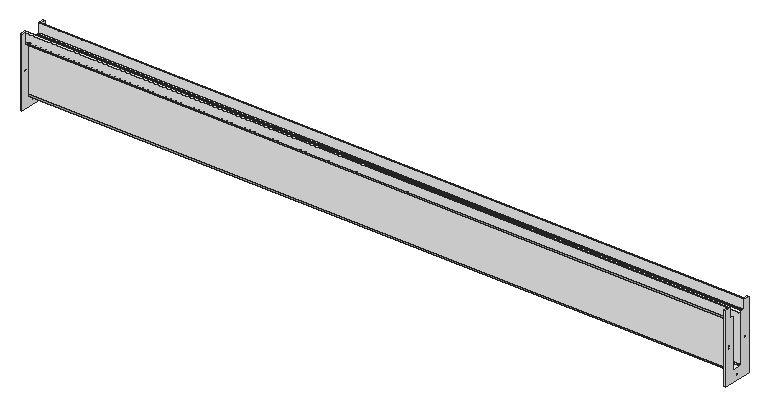
Revit family "T5000-158", category Plumbing Fixtures, host Face, Revit 2018
Family settings
  Host = Face
  Round Connector Dimension = Use Radius
  Part Type = Normal
  Cut with Voids When Loaded = No
  Shared = No
  Room Calculation Point = No
Parameters (values of type "T5000-158")
  WFU = 0
  URL = "WWW.MIFAB.COM"
  Model = "T5000-158"
  Manufacturer = "MIFAB"
  Length = 3' - 4"
  Floor Drain Material = Paint - Sherwin Williams Paint - #952C2A - Bellwood Red
  Description = "1 5/8\" Wide, 3 7/8\" Deep Aluminum Channel"
  Default Elevation = 0' - 0"
  CWFU = 0
  Assembly Code = ""
Reference planes (in)
  plane 1 "Center (Front/Back)": y = 0
  plane 2: z = 0
  plane 3 "Center (Left/Right)": x = 0
  plane 4: x = -20
  plane 5: x = 20
  plane 6: y = -0.375
  plane 7: y = 0.375
  plane 8: x = -19.92772
  plane 9: x = 19.92772
  plane 10: y = 0.8125
  plane 11: y = -0.8125
Forms (in)
  Sweep 1, solid, material "Paint - Sherwin Williams Paint - #952C2A - Bellwood Red" <- "Floor Drain Material"
    path origin (0, 0, 0) x (1, 0, 0) y (0, 1, 0)
      loop
        line (20, 0) -> (-20, 0)
    profile origin (0, 0, 0) x (0, -1, 0) y (0, 0, 1)
      loop
        line (0.5, 0) -> (0.5, -0.50365)
        arc (0.5, -0.50365) -> (0.48749, -0.53386) -> (0.45727, -0.54638) r 0.04273
        line (0.45727, -0.54638) -> (0.35039, -0.54638)
        arc (0.35039, -0.54638) -> (0.3015, -0.56663) -> (0.28125, -0.61552) r 0.06914
        line (0.28125, -0.61552) -> (0.28125, -3.23517)
        arc (0.28125, -3.23517) -> (0.26971, -3.26302) -> (0.24186, -3.27455) r 0.03939
        line (0.24186, -3.27455) -> (-0.24186, -3.27455)
        arc (-0.24186, -3.27455) -> (-0.26971, -3.26302) -> (-0.28125, -3.23517) r 0.03939
        line (-0.28125, -3.23517) -> (-0.28125, -0.61552)
        arc (-0.28125, -0.61552) -> (-0.3015, -0.56663) -> (-0.35039, -0.54638) r 0.06914
        line (-0.35039, -0.54638) -> (-0.45727, -0.54638)
        arc (-0.45727, -0.54638) -> (-0.48749, -0.53386) -> (-0.5, -0.50365) r 0.04273
        line (-0.5, -0.50365) -> (-0.5, 0) -> (-0.57422, 0) -> (-0.57422, -0.51573)
        arc (-0.57422, -0.51573) -> (-0.5435, -0.58988) -> (-0.46935, -0.6206) r 0.10487
        line (-0.46935, -0.6206) -> (-0.38391, -0.6206)
        arc (-0.38391, -0.6206) -> (-0.3638, -0.62893) -> (-0.35547, -0.64903) r 0.02844
        line (-0.35547, -0.64903) -> (-0.35547, -3.24077)
        arc (-0.35547, -3.24077) -> (-0.32384, -3.31714) -> (-0.24747, -3.34877) r 0.108
        line (-0.24747, -3.34877) -> (0.24747, -3.34877)
        arc (0.24747, -3.34877) -> (0.32384, -3.31714) -> (0.35547, -3.24077) r 0.108
        line (0.35547, -3.24077) -> (0.35547, -0.64903)
        arc (0.35547, -0.64903) -> (0.3638, -0.62893) -> (0.38391, -0.6206) r 0.02844
        line (0.38391, -0.6206) -> (0.46935, -0.6206)
        arc (0.46935, -0.6206) -> (0.5435, -0.58988) -> (0.57422, -0.51573) r 0.10487
        line (0.57422, -0.51573) -> (0.57422, 0) -> (0.5, 0)
  Extrusion 2, solid, material "Paint - Sherwin Williams Paint - #952C2A - Bellwood Red" <- "Floor Drain Material"
    sketch origin (19.55273, 0, 0) x (0, 1, 0) y (0, 0, -1)
      loop
        line (0.8125, 0) -> (0.8125, 3.875) -> (-0.8125, 3.875) -> (-0.8125, 0) -> (-0.5, 0) -> (-0.5, 0.50365)
        arc (-0.5, 0.50365) -> (-0.48749, 0.53386) -> (-0.45727, 0.54638) r 0.04273
        line (-0.45727, 0.54638) -> (-0.35039, 0.54638)
        arc (-0.35039, 0.54638) -> (-0.3015, 0.56663) -> (-0.28125, 0.61552) r 0.06914
        line (-0.28125, 0.61552) -> (-0.28125, 3.23517)
        arc (-0.28125, 3.23517) -> (-0.26971, 3.26302) -> (-0.24186, 3.27455) r 0.03939
        line (-0.24186, 3.27455) -> (0.24186, 3.27455)
        arc (0.24186, 3.27455) -> (0.26971, 3.26302) -> (0.28125, 3.23517) r 0.03939
        line (0.28125, 3.23517) -> (0.28125, 0.61552)
        arc (0.28125, 0.61552) -> (0.3015, 0.56663) -> (0.35039, 0.54638) r 0.06914
        line (0.35039, 0.54638) -> (0.45727, 0.54638)
        arc (0.45727, 0.54638) -> (0.48749, 0.53386) -> (0.5, 0.50365) r 0.04273
        line (0.5, 0.50365) -> (0.5, 0) -> (0.8125, 0)
      loop
        circle (0, 3.61189) r 0.08944
      loop
        circle (-0.5625, 1.9375) r 0.08984
      loop
        circle (0.5625, 1.9375) r 0.08984
    from -0.44727 to -0.37499
  Extrusion 3, solid, material "Paint - Sherwin Williams Paint - #952C2A - Bellwood Red" <- "Floor Drain Material"
    sketch origin (-19.55273, 0, 0) x (0, 1, 0) y (0, 0, 1)
      loop
        line (0.8125, -3.875) -> (0.8125, 0) -> (0.5, 0) -> (0.5, -0.50365)
        arc (0.5, -0.50365) -> (0.48749, -0.53386) -> (0.45727, -0.54638) r 0.04273
        line (0.45727, -0.54638) -> (0.35039, -0.54638)
        arc (0.35039, -0.54638) -> (0.3015, -0.56663) -> (0.28125, -0.61552) r 0.06914
        line (0.28125, -0.61552) -> (0.28125, -3.23517)
        arc (0.28125, -3.23517) -> (0.26971, -3.26302) -> (0.24186, -3.27455) r 0.03939
        line (0.24186, -3.27455) -> (-0.24186, -3.27455)
        arc (-0.24186, -3.27455) -> (-0.26971, -3.26302) -> (-0.28125, -3.23517) r 0.03939
        line (-0.28125, -3.23517) -> (-0.28125, -0.61552)
        arc (-0.28125, -0.61552) -> (-0.3015, -0.56663) -> (-0.35039, -0.54638) r 0.06914
        line (-0.35039, -0.54638) -> (-0.45727, -0.54638)
        arc (-0.45727, -0.54638) -> (-0.48749, -0.53386) -> (-0.5, -0.50365) r 0.04273
        line (-0.5, -0.50365) -> (-0.5, 0) -> (-0.8125, 0) -> (-0.8125, -3.875) -> (0.8125, -3.875)
      loop
        circle (-0.5625, -1.9375) r 0.08984
      loop
        circle (0.5625, -1.9375) r 0.08984
      loop
        circle (0, -3.61189) r 0.08944
    from -0.44727 to -0.37499
  Extrusion 4, void
    sketch origin (0, 0, 0) x (1, 0, 0) y (0, 1, 0)
      loop
        line (-19.92772, 0.8125) -> (-20, 0.8125) -> (-20, -0.8125) -> (-19.92772, -0.8125) -> (-19.92772, -0.57422) -> (19.92772, -0.57422) -> (19.92772, -0.8125) -> (20, -0.8125) -> (20, 0.8125) -> (19.92772, 0.8125) -> (19.92772, 0.57422) -> (-19.92772, 0.57422) -> (-19.92772, 0.8125)
    from 0 to -3.875
Cuts and joins
  joined: Sweep 1, Extrusion 2, Extrusion 3
Dimensions and locks (in)
  equal spacing: plane 4, plane 3 "Center (Left/Right)", plane 5
  "Length": plane 4 to plane 5
  locked: plane 4 to plane 8 at 0.07228
  locked: plane 5 to plane 9 at 0.07228
  plane 10 to plane 11 = 0' - 1 5/8"
  cut or joined group of Sweep 1, Extrusion 2, Extrusion 3 to host face = 0' - 3 7/8"
  aligned and locked: plane 2 to host face
  aligned and locked: level to host face
  aligned and locked: Sweep 1 sketch curve to plane 1 "Center (Front/Back)"
  aligned and locked: plane 4 to Sweep 1 sketch curve
  aligned and locked: plane 5 to Sweep 1 sketch curve
  aligned and locked: host face to Sweep 1 sketch curve
  aligned and locked: cut or joined group of Sweep 1, Extrusion 2, Extrusion 3 to plane 4
  aligned and locked: plane 8 to cut or joined group of Sweep 1, Extrusion 2, Extrusion 3
  aligned and locked: cut or joined group of Sweep 1, Extrusion 2, Extrusion 3 to plane 9
  aligned and locked: Extrusion 2 to plane 5
Automatic sketch dimensions
  host sketch curve to host sketch curve = 8' - 0"  (x2)
  Sweep 1 sketch curve to level = 0' - 0"
  Sweep 1 sketch curve to Sweep 1 sketch curve = 0' - 0.01207"  (x4)
  Sweep 1 sketch curve to Sweep 1 sketch curve = 0' - 0.08544"
  profile plane to Sweep 1 sketch curve = 0' - 0 91/256"
  Sweep 1 sketch curve to Sweep 1 sketch curve = 0' - 0.00508"  (x2)
  Sweep 1 sketch curve to Sweep 1 sketch curve = 0' - 0 19/256"  (x2)
  Sweep 1 sketch curve to Sweep 1 sketch curve = 0' - 0.03378"
  Sweep 1 sketch curve to Sweep 1 sketch curve = 0' - 0.00561"  (x3)
  Sweep 1 sketch curve to profile plane = 0' - 0.24186"
  Sweep 1 sketch curve to profile plane = 0' - 0 9/32"
  Sweep 1 sketch curve to Sweep 1 sketch curve = 0' - 0.06914"
  Sweep 1 sketch curve to Sweep 1 sketch curve = 0' - 0.03352"  (x3)
  Sweep 1 sketch curve to Sweep 1 sketch curve = 0' - 0.07337"
  Sweep 1 sketch curve to Sweep 1 sketch curve = 0' - 0.03065"  (x2)
  Sweep 1 sketch curve to level = 0' - 0.50365"  (x2)
  Sweep 1 sketch curve to Sweep 1 sketch curve = 0' - 2.58613"
  Extrusion 3 sketch curve to level = 0' - 0"  (x2)
  plane 6 to Extrusion 3 sketch curve = 0' - 0 7/16"
  plane 6 to Extrusion 3 sketch curve = 0' - 0 1/8"
  Extrusion 3 sketch curve to Extrusion 3 sketch curve = 0' - 0.04273"
  Extrusion 3 sketch curve to plane 6 = 0' - 0.02461"
  Extrusion 3 sketch curve to Extrusion 3 sketch curve = 0' - 0.06914"
  Extrusion 3 sketch curve to Extrusion 3 sketch curve = 0' - 0.03939"  (x2)
  plane 7 to Extrusion 3 sketch curve = 0' - 0.13314"
  plane 7 to Extrusion 3 sketch curve = 0' - 0.02461"
  Extrusion 3 sketch curve to plane 7 = 0' - 0.08227"
  Extrusion 3 sketch curve to plane 7 = 0' - 0 1/8"
  Extrusion 3 sketch curve to Extrusion 3 sketch curve = 0' - 0 5/16"
  Extrusion 3 sketch curve to level = 0' - 0.61552"  (x2)
  Extrusion 2 sketch curve to level = 0' - 0"  (x2)
  Extrusion 2 sketch curve to plane 1 "Center (Front/Back)" = 0' - 0"
  Extrusion 2 sketch curve to plane 6 = 0' - 0.13314"
  Extrusion 2 sketch curve to plane 6 = 0' - 0 3/32"
  Extrusion 2 sketch curve to plane 6 = 0' - 0.02461"
  plane 6 to Extrusion 2 sketch curve = 0' - 0.08227"
  plane 6 to Extrusion 2 sketch curve = 0' - 0 1/8"
  plane 6 to Extrusion 2 sketch curve = 0' - 0 3/16"
  plane 6 to Extrusion 2 sketch curve = 0' - 0 7/16"
  plane 7 to Extrusion 2 sketch curve = 0' - 0.13314"
  plane 7 to Extrusion 2 sketch curve = 0' - 0 3/32"
  plane 7 to Extrusion 2 sketch curve = 0' - 0.02461"
  Extrusion 2 sketch curve to plane 7 = 0' - 0.08227"
  Extrusion 2 sketch curve to plane 7 = 0' - 0 1/8"
  Extrusion 2 sketch curve to plane 7 = 0' - 0 3/16"
  Extrusion 2 sketch curve to Extrusion 2 sketch curve = 0' - 0 5/16"
  Extrusion 2 sketch curve to Extrusion 2 sketch curve = 0' - 0.50365"  (x2)
  plane 6 to Extrusion 3 sketch curve = 0' - 0 3/16"
  Extrusion 3 sketch curve to Extrusion 3 sketch curve = 0' - 0 23/256"  (x2)
  Extrusion 3 sketch curve to plane 7 = 0' - 0 3/16"
  Extrusion 3 sketch curve to plane 1 "Center (Front/Back)" = 0' - 0"
  plane 1 "Center (Front/Back)" to Extrusion 3 sketch curve = 0' - 0.08944"
  Extrusion 4 sketch curve to plane 4 = 0' - 0"
  Extrusion 4 sketch curve to plane 8 = 0' - 0"  (x2)
  Extrusion 4 sketch curve to plane 9 = 0' - 0"  (x2)
  Extrusion 4 sketch curve to plane 5 = 0' - 0"
  plane 6 to Extrusion 4 sketch curve = 0' - 0 7/16"  (x2)
  plane 6 to Extrusion 4 sketch curve = 0' - 0 51/256"
  Extrusion 4 sketch curve to plane 7 = 0' - 0 51/256"
  Extrusion 4 sketch curve to Extrusion 4 sketch curve = 0' - 0 61/256"  (x2)
  Extrusion 2 sketch curve to Extrusion 2 sketch curve = 0' - 0.33733"
  Extrusion 2 sketch curve to Extrusion 2 sketch curve = 0' - 0.60045"
  Extrusion 3 sketch curve to Extrusion 3 sketch curve = 0' - 0.33733"
  Extrusion 3 sketch curve to Extrusion 3 sketch curve = 0' - 0.26311"
  Extrusion 2 sketch curve to Extrusion 2 sketch curve = 0' - 1.32198"
  Extrusion 2 sketch curve to Extrusion 2 sketch curve = 0' - 0"
  Extrusion 2 sketch curve to Extrusion 2 sketch curve = 0' - 1.29767"
  Extrusion 3 sketch curve to Extrusion 3 sketch curve = 0' - 0"  (x4)
  Extrusion 3 sketch curve to Extrusion 3 sketch curve = 0' - 1.32198"
  Extrusion 3 sketch curve to Extrusion 3 sketch curve = 0' - 1.29767"
  radius of Extrusion 2 sketch curve = 0' - 0.08944"
  radius of Extrusion 2 sketch curve = 0' - 0 23/256"  (x2)
